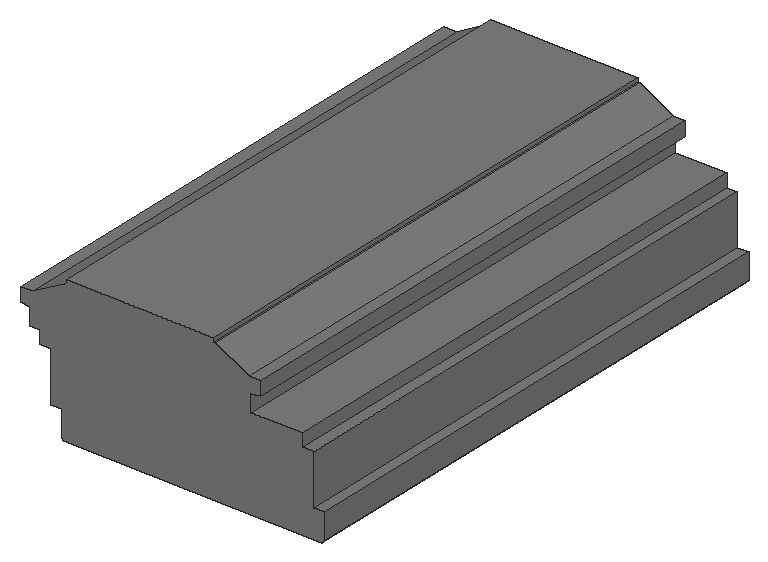
Revit family "HourdiBox PP Néo 150 Up 23 KW-1", category Equipement spécialisé, Revit 2016
Family settings
  Basée sur le plan de construction = Non
  Toujours verticalement = Oui
  Couper avec des vides une fois chargée = Non
  Partagée = Non
  Point de calcul de pièce = Non
Parameters (values of type "HourdiBox PP 150 Up 23")
  Up - SEAC GF 110 - SEAC GF 120 - SEAC GF 930 - SEAC GF 940 = 0.2200 W/(m·K)  # constant formula
  Up - RECTOR NR 130 = 0.2200 W/(m·K)  # constant formula
  Up - RECTOR NR 110 = 0.2200 W/(m·K)  # constant formula
  Up - LB7 - Série 1 = 0.2200 W/(m·K)  # constant formula
  Up - LB 7 - Série 2 = 0.2200 W/(m·K)  # constant formula
  Up - KP1 Leader 130 - KP1 Leader 140 = 0.2200 W/(m·K)  # constant formula
  Up - KP1 Leader 110 - KP1 Leader 115S - KP1 Leader x 110 = 0.2200 W/(m·K)  # constant formula
  Up - DURANDAL DF 110 - DURANDAL DF 130 - DURANDAL DF 140 = 0.2200 W/(m·K)  # constant formula
  URL = "http://www.isobox-isolation.fr/"
  Rp - SEAC GF 110 - SEAC GF 120 - SEAC GF 930 - SEAC GF 940 = 4.2000 (m²·K)/W  # constant formula
  Rp - RECTOR NR 110 = 4.2500 (m²·K)/W  # constant formula
  Rp - RECTOR NR 130 = 4.1500 (m²·K)/W  # constant formula
  Keynote = ""
  Model = "Entrevous 120 - UP 14 "  # constant formula
  Matériaux = Isolant PSE Entrevous
  Longueur = 1200 mm  # constant formula
  Largeur coupure 02 (base 10cm = 0) (par défaut) [instance] = 100 mm
  Largeur coupure 01 (base 10cm = 0) [instance] = 100 mm
  Longueur coupure (base 10cm = 0) [instance] = 100 mm
  Largeur = 688.5 mm  # constant formula
  Rp - LB7 - Série 1 = 4.2500 (m²·K)/W  # constant formula
  Rp - LB 7 - Série 2 = 4.2000 (m²·K)/W  # constant formula
  Rp - KP1 Leader 130 - KP1 Leader 140 = 4.2000 (m²·K)/W  # constant formula
  Rp - KP1 Leader 110 - KP1 Leader 115S - KP1 Leader x 110 = 4.3000 (m²·K)/W  # constant formula
  Fabricant = "Isobox"  # constant formula
  Epaisseur de languette = 101 mm  # constant formula
  Description = ""
  Rp - DURANDAL DF 110 - DURANDAL DF 130 - DURANDAL DF 140 = 4.2000 (m²·K)/W  # constant formula
  Coût = 0  # constant formula
Reference planes
  plane 1 "Centre (avant/arrière)": y = 0
  plane 2: z = 0
  plane 3 "Centre (gauche/droite)": x = 0
Forms (mm)
  Extrusion 1, solid, material "Isolant PSE Entrevous" <- "Matériaux"
    sketch origin (0, 0, 0) x (1, 0, 0) y (0, 0, 1)
      loop
        line (105.383, 0) -> (105.383, -9) -> (100.383, -9) -> (27.542, -50.647) -> (0, -50.647) -> (0, -82.012) -> (21.945, -84.319) -> (21.945, -122.995) -> (45, -122.995) -> (45, -152) -> (68.5, -152) -> (68.5, -266) -> (93.5, -266) -> (93.5, -325) -> (98.5, -330) -> (683.5, -330) -> (688.5, -325) -> (688.5, -266) -> (663.5, -266) -> (663.5, -152) -> (640, -152) -> (640, -123) -> (522.055, -123) -> (522.055, -84.319) -> (544, -82.012) -> (544, -50.647) -> (516.458, -50.647) -> (443.618, -9) -> (438.618, -9) -> (438.618, 0) -> (105.383, 0)
    from 0 to 1200
  Extrusion 2, void
    sketch origin (0, 0, 0) x (1, 0, 0) y (0, 1, 0)
      loop
        line (788.5, 0) -> (688.5, 0) -> (688.5, -1200) -> (788.5, -1200) -> (788.5, 0)
    from -330 to 0
  Extrusion 3, void
    sketch origin (0, 0, 0) x (1, 0, 0) y (0, 1, 0)
      loop
        line (0, -1200) -> (0, -1300) -> (688.5, -1300) -> (688.5, -1200) -> (0, -1200)
    from 0 to -330
  Extrusion 4, void
    sketch origin (-788.5, 0, 0) x (1, 0, 0) y (0, 1, 0)
      loop
        line (788.5, 0) -> (688.5, 0) -> (688.5, -1200) -> (788.5, -1200) -> (788.5, 0)
    from -330 to 0
Cuts and joins
  Extrusion 2, Extrusion 3, Extrusion 4 cuts Extrusion 1
Lines and regions (mm)
  reference lines
    curve 1: line (788.5, 160, 0) -> (788.5, -1440, 0)
    curve 2: line (-100, 0, 0) -> (-100, -1540, 0)
    curve 3: line (0, -1300, 0) -> (1520, -1300, 0)
Dimensions and locks
  locked: Extrusion 1 to Extrusion 1 at 688.5
  locked: Extrusion 1 to Extrusion 1 at 1200
  locked: Extrusion 1 to Extrusion 1 at 143
  "Largeur coupure 01 (base 10cm = 0)": Extrusion 2 to Extrusion 2
  locked: Extrusion 3 to Extrusion 3 at 688.5
  "Longueur coupure (base 10cm = 0)": Extrusion 3 to Extrusion 3
  "Largeur coupure 02 (base 10cm = 0) (par défaut)": Extrusion 4 to Extrusion 4
  cut or joined group of Extrusion 1, Extrusion 2, Extrusion 3, Extrusion 4 to cut or joined group of Extrusion 1, Extrusion 2, Extrusion 3, Extrusion 4 = 330 mm
  aligned and locked: level to plane 2
  aligned and locked: Extrusion 2 to curve 1
  aligned and locked: Extrusion 4 to curve 2
  aligned and locked: Extrusion 3 to curve 3
Automatic sketch dimensions
  Extrusion 1 sketch curve to plane 3 "Centre (gauche/droite)" = 0 mm
  Extrusion 1 sketch curve to level = 0 mm
  plane 3 "Centre (gauche/droite)" to Extrusion 1 sketch curve = 21.945 mm
  plane 3 "Centre (gauche/droite)" to Extrusion 1 sketch curve = 27.542 mm
  Extrusion 1 sketch curve to Extrusion 1 sketch curve = 23.055 mm
  plane 3 "Centre (gauche/droite)" to Extrusion 1 sketch curve = 68.5 mm
  Extrusion 1 sketch curve to Extrusion 1 sketch curve = 25 mm
  Extrusion 1 sketch curve to Extrusion 1 sketch curve = 5 mm  (x5)
  Extrusion 1 sketch curve to level = 9 mm  (x2)
  Extrusion 1 sketch curve to Extrusion 1 sketch curve = 72.84 mm  (x2)
  Extrusion 1 sketch curve to Extrusion 1 sketch curve = 333.235 mm
  Extrusion 1 sketch curve to Extrusion 1 sketch curve = 5.597 mm
  Extrusion 1 sketch curve to level = 82.012 mm
  Extrusion 1 sketch curve to Extrusion 1 sketch curve = 21.945 mm
  Extrusion 1 sketch curve to Extrusion 1 sketch curve = 96 mm
  Extrusion 1 sketch curve to Extrusion 1 sketch curve = 23.5 mm
  Extrusion 1 sketch curve to level = 330 mm
  Extrusion 1 sketch curve to Extrusion 1 sketch curve = 20 mm
  Extrusion 1 sketch curve to level = 325 mm
  Extrusion 1 sketch curve to Extrusion 1 sketch curve = 59 mm  (x2)
  Extrusion 1 sketch curve to Extrusion 1 sketch curve = 114 mm  (x2)
  Extrusion 1 sketch curve to Extrusion 1 sketch curve = 29 mm
  Extrusion 1 sketch curve to Extrusion 1 sketch curve = 29.005 mm
  Extrusion 1 sketch curve to Extrusion 1 sketch curve = 38.676 mm
  Extrusion 1 sketch curve to Extrusion 1 sketch curve = 2.307 mm  (x2)
  Extrusion 1 sketch curve to Extrusion 1 sketch curve = 33.672 mm  (x2)
  plane 1 "Centre (avant/arrière)" to Extrusion 2 sketch curve = 0 mm
  plane 3 "Centre (gauche/droite)" to Extrusion 2 sketch curve = 688.5 mm
  Extrusion 2 sketch curve to Extrusion 2 sketch curve = 100 mm
  plane 1 "Centre (avant/arrière)" to Extrusion 2 sketch curve = 1200 mm
  Extrusion 3 sketch curve to plane 3 "Centre (gauche/droite)" = 0 mm
  plane 3 "Centre (gauche/droite)" to Extrusion 3 sketch curve = 688.5 mm
  plane 1 "Centre (avant/arrière)" to Extrusion 3 sketch curve = 1300 mm
  Extrusion 3 sketch curve to Extrusion 3 sketch curve = 100 mm
  plane 1 "Centre (avant/arrière)" to Extrusion 4 sketch curve = 0 mm
  Extrusion 4 sketch curve to plane 3 "Centre (gauche/droite)" = 0 mm
  Extrusion 4 sketch curve to plane 3 "Centre (gauche/droite)" = 100 mm
  plane 1 "Centre (avant/arrière)" to Extrusion 4 sketch curve = 1200 mm
  plane 1 "Centre (avant/arrière)" to curve 2 = 0 mm
  curve 3 to plane 3 "Centre (gauche/droite)" = 0 mm
  curve 2 to plane 3 "Centre (gauche/droite)" = 100 mm
  plane 3 "Centre (gauche/droite)" to curve 1 = 788.5 mm
  curve 1 to curve 3 = 731.5 mm
  plane 1 "Centre (avant/arrière)" to curve 3 = 1300 mm
  curve 1 to curve 3 = 140 mm
  curve 2 to curve 3 = 240 mm
  curve 1 to plane 1 "Centre (avant/arrière)" = 160 mm
